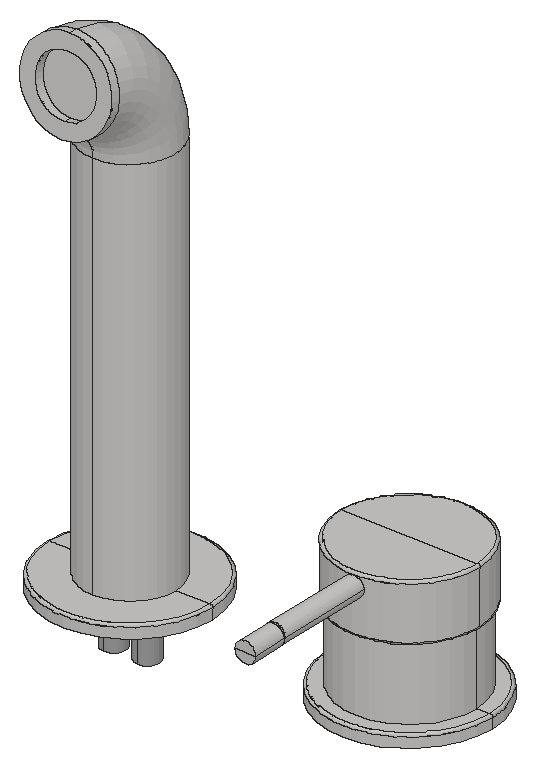
Revit family "PlumbingFixture_GroheLimited_Essence2HoleBasinMixer_19408001_METRIC", category Plumbing Fixtures, host Face, Revit 2015
Parameters (values of type "19408001")
  _DistributedBy = "www.bimstore.co.uk"
  _CurrentRevision = 1
  _CreatedBy = "www.bimstore.co.uk"
  _BimSpecGuid = 0
  _BSBibleVersion = 14
  _AuthorizedBy = "Kris Atkinson"
  _Author = "Ryan Lashley"
  Waste Connection = no
  WarrantyStartDate [instance] = "Please Record On Commissioning."
  WarrantyGuarantorParts = "info-uk@grohe.com"
  WarrantyGuarantorLabor = "info-uk@grohe.com"
  WarrantyDurationUnit = "Years"
  WarrantyDurationParts = "n/a"
  WarrantyDurationLabor = "n/a"
  WarrantyDescription = "n/a"
  WFU = 0
  Vent Connection = no
  URL = "www.grohe.com"
  TypeName = "Essence 2-hole basin mixer M-Size"
  Type Comments = "19408001"
  SpareParts = "n/a"
  Size = "n/a"
  Shape = "n/a"
  SerialNumber [instance] = "Please Record On Commissioning."
  ReplacementCost = "n/a"
  ReferencedStandard = "n/a"
  ProductionYear = "2017"
  ProductPageURL = "https://www.grohe.co.uk/en_gb/essence-2-hole-basin-mixer-m-size-19408001.html"
  ProductDocumentationLink = "https://www.grohe.co.uk/en_gb/essence-2-hole-basin-mixer-m-size-19408001.html"
  PrimaryMaterial = GroheLimited-Chorme
  PipeMaterial = GroheLimited-Pipework
  PercentageOfRecycledContent = "n/a"
  NominalLength = 0 mm
  NominalHeight = 0 mm
  NominalDepth = 0 mm
  NBSReference = "45-35-70/345"
  NBSOfficeMasterTag = "n/a"
  NBSObjectName = "Grohe Limited - Water supply fittings for sinks"
  NBSNote = ""
  NBSDescription = "Water supply fittings for sinks"
  ModelReference = "Essence 2-hole basin mixer M-Size"
  ModelNumber = "19408001"
  Model = "Essence 2-hole basin mixer M-Size"
  Material = "Chrome"
  MasterformatTitle = "Sanitary Facilities"
  MasterformatNumber = "01 52 19"
  ManufacturerName = "Grohe Limited"
  Manufacturer = "Grohe Limited"
  LowEmittingMaterial = no
  LEEDCredit = "n/a"
  Keynote = "N13"
  InstallationDate [instance] = "Please Record On Commissioning."
  IndustryStandards = "n/a"
  IfcExportType = "IfcPipeFittingType"
  IfcExportAs = "IfcPipeFitting"
  HotWaterConnectionDiameter = 10 mm
  HWFU = 4.5
  HW Connection = yes
  Grade = "n/a"
  Finish = "Chrome"
  Features = "This wall-mounted 2-hole bathroom tap of the GROHE Essence range comes in clean, elegant design. With a separate spout of 183 mm length, it provides maximum comfort, allowing you to wash your hair over the basin and fill tall containers with ease. Crafted in cylindrical shapes and finished in lustrous GROHE StarLight chrome, this wall-mounted single-lever mixer will be a real highlight in your bathroom. Among its convenient features, it also counts the water-saving GROHE EcoJoy technology. The spray angle of the spout can be adjusted precisely with the integrated GROHE AquaGuide. To install this tap, please purchase the matching GROHE concealed body (32635000). Water volume and temperature can be controlled smoothly and effortlessly with the GROHE SilkMove cartridge incorporated in the concealed body."
  ExpectedLife = 0
  Ecojoy = no
  DurationUnit = "Years"
  DocumentationTechnical = "n/a"
  DocumentationMaintenance = "n/a"
  DocumentationLiterature = "n/a"
  DocumentationInstallationGuide = "n/a"
  DocumentationCertificates = "n/a"
  Description = "This wall-mounted 2-hole bathroom tap of the GROHE Essence range comes in clean, elegant design. With a separate spout of 183 mm length, it provides maximum comfort, allowing you to wash your hair over the basin and fill tall containers with ease. Crafted in cylindrical shapes and finished in lustrous GROHE StarLight chrome, this wall-mounted single-lever mixer will be a real highlight in your bathroom. Among its convenient features, it also counts the water-saving GROHE EcoJoy technology. The spray angle of the spout can be adjusted precisely with the integrated GROHE AquaGuide. To install this tap, please purchase the matching GROHE concealed body (32635000). Water volume and temperature can be controlled smoothly and effortlessly with the GROHE SilkMove cartridge incorporated in the concealed body."
  Default Elevation = 0 mm
  CreatedOn = "2017-06-01T09:00:00"
  CreatedBy = "info-uk@grohe.com"
  Cost = 0
  Constituents = "n/a"
  Color = "Chrome"
  ColdWaterConnectionDiameter = 10 mm
  CodePerformance = "n/a"
  ClassificationValue = "Pr_40_20_87_82"
  ClassificationName = "Uniclass2015"
  CWFU = 4.5
  CW Connection = yes
  BarCode [instance] = "Please Record On Commissioning."
  BIMObjectName = "PlumbingFixture_GroheLimited_Essence2HoleBasinMixer_19408001_METRIC"
  AssetType = "Fixed"
  AssetIdentifier [instance] = "Please Record On Commissioning."
  Assembly Code = "D2010"
  AccessibilityPerformance = "n/a"
  ADACompliant = no
Types (10, lengths in mm): name | Type Comments | PrimaryMaterial | ModelNumber | Material | Finish | Color
  (no name) | "19408001" | GroheLimited-Chorme | "19408001" | "Chrome" | "Chrome" | "Chrome"
  19408001 | "19408001" | GroheLimited-Chorme | "19408001" | "Chrome" | "Chrome" | "Chrome"
  19408A01 | "19408A01" | GroheLimited-HardGraphite | "19408A01" | "Hard Graphite" | "Hard Graphite" | "Hard Graphite"
  19408AL1 | "19408AL1" | GroheLimited-BrushedHardGraphite | "19408AL1" | "Brushed Hard Graphite" | "Brushed Hard Graphite" | "Brushed Hard Graphite"
  19408BE1 | "19408BE1" | GroheLimited-Nickel | "19408BE1" | "Nickel" | "Nickel" | "Nickel"
  19408DA1 | "19408DA1" | GroheLimited-WarmSunset | "19408DA1" | "Warm Sunset" | "Warm Sunset" | "Warm Sunset"
  19408DL1 | "19408DL1" | GroheLimited-BrushedWarmSunset | "19408DL1" | "Brushed Warm Sunset" | "Brushed Warm Sunset" | "Brushed Warm Sunset"
  19408EN1 | "19408EN1" | GroheLimited-BrushedNickel | "19408EN1" | "Brushed Nickel" | "Brushed Nickel" | "Brushed Nickel"
  19408GL1 | "19408GL1" | GroheLimited-CoolSunrise | "19408GL1" | "Cool Sunrise" | "Cool Sunrise" | "Cool Sunrise"
  19408GN1 | "19408GN1" | GroheLimited-BrushedCoolSunrise | "19408GN1" | "Brushed Cool Sunrise" | "Brushed Cool Sunrise" | "Brushed Cool Sunrise"
Reference planes
  plane 1 "Center (Front/Back)": y = 0
  plane 2: z = 0
  plane 3 "Center (Left/Right)": x = 0
  plane 4: z = 0
  plane 5: z = 5
  plane 6: z = 193
  plane 7: x = -54.797
  plane 8: x = 54.797
  plane 9: z = 50.757
Forms (mm)
  Sweep 1, solid, material "GroheLimited-Pipework" <- "PipeMaterial"
    path in 3D
      loop
        line (-47.922, 0, 0) -> (-47.922, 0, -22.649)
    profile origin (-47.922, 0, -11.324) x (0, -1, 0) y (1, 0, 0)
      loop
        circle (0, 0) r 4.75
  Sweep 2, solid, material "GroheLimited-Pipework" <- "PipeMaterial"
    path in 3D
      loop
        line (-61.047, 0, 0) -> (-61.047, 0, -22.649)
    profile origin (-61.047, 0, -11.324) x (0, -1, 0) y (1, 0, 0)
      loop
        circle (0, 0) r 4.75
  Sweep 3, solid, material "GroheLimited-Chorme" <- "PrimaryMaterial"
    path in 3D
      loop
        line (-54.797, 0, 5) -> (-54.797, 0, 158.354)
        arc (-54.797, 0, 158.354) -> (-54.797, -7.932, 179.063) -> (-54.797, -27.668, 189.174) r 31
        line (-54.797, -27.668, 189.174) -> (-54.797, -31.223, 189.559)
    profile origin (-54.797, 0, 81.677) x (0, 1, 0) y (-1, 0, 0)
      loop
        circle (0, 0) r 18
  Revolve 4, solid, material "GroheLimited-Chorme" <- "PrimaryMaterial"
    sketch origin (-140.22, 0, 0) x (1, 0, 0) y (0, 0, 1)
      loop
        line (195.016, 56) -> (195.016, 0) -> (227.516, 0) -> (227.516, 4)
        arc (227.516, 4) -> (227.224, 4.707) -> (226.516, 5) r 1
        line (226.516, 5) -> (221.329, 5) -> (221.329, 34.871)
        arc (221.329, 34.871) -> (221.475, 34.299) -> (221.878, 33.867) r 1.193
        arc (221.878, 33.867) -> (222.414, 33.848) -> (222.688, 34.31) r 0.526
        line (222.688, 34.31) -> (222.688, 55)
        arc (222.688, 55) -> (222.395, 55.707) -> (221.688, 56) r 1
        line (221.688, 56) -> (195.016, 56)
      axis (195.016, 56) -> (195.016, 0)
    angle from 0 to 360
  Revolve 5, solid, material "GroheLimited-Chorme" <- "PrimaryMaterial"
    sketch origin (-140.22, -80.311, 50.757) x (-1, 0, 0) y (0, -1, 0)
      loop
        line (-199.016, 0) -> (-199.016, -13.67)
        arc (-199.016, -13.67) -> (-198.638, -14.133) -> (-199.016, -14.596) r 0.473
        line (-199.016, -14.596) -> (-199.016, -75) -> (-195.016, -75) -> (-195.016, 0) -> (-199.016, 0)
      axis (-195.016, -75) -> (-195.016, 0)
    angle from 0 to 360
  Revolve 6, solid, material "GroheLimited-Chorme" <- "PrimaryMaterial"
    sketch origin (0, 0, 0) x (1, 0, 0) y (0, 0, 1)
      loop
        line (-54.797, 5) -> (-54.797, 0) -> (-22.297, 0) -> (-22.297, 4)
        arc (-22.297, 4) -> (-22.589, 4.707) -> (-23.297, 5) r 1
        line (-23.297, 5) -> (-54.797, 5)
      axis (-54.797, 0) -> (-54.797, 5)
    angle from 0 to 360
  Sweep 7, void
    path in 3D
      loop
        line (-54.797, -27.668, 189.174) -> (-54.797, -31.223, 189.559)
    profile origin (-54.797, -29.445, 189.367) x (0, 0.10748, 0.994207) y (-1, 0, 0)
      loop
        circle (0, 0) r 12
Cuts and joins
  Sweep 7 cuts Sweep 3
  joined: Sweep 3, Revolve 4, Revolve 5, Revolve 6
Lines and regions (mm)
  sketch lines
    curve 1: line (-47.922, 0, 0) -> (-47.922, 0, -22.649)
    curve 2: line (-61.047, 0, 0) -> (-61.047, 0, -22.649)
    curve 3: line (-54.797, 0, 5) -> (-54.797, 0, 158.354)
    curve 4: arc (-54.797, 0, 158.354) -> (-54.797, -7.932, 179.063) -> (-54.797, -27.668, 189.174) r 31
    curve 5: line (-54.797, -27.668, 189.174) -> (-54.797, -31.223, 189.559)
    curve 6: line (-54.797, -27.668, 189.174) -> (-54.797, -31.223, 189.559)
Dimensions and locks
  plane 6 to host face = 193 mm
  equal spacing: plane 7, plane 3 "Center (Left/Right)", plane 8
  plane 7 to plane 8 = 109.593 mm
  aligned and locked: plane 2 to host face
  aligned and locked: level to host face
  aligned and locked: Revolve 4 sketch curve to plane 8
  aligned and locked: Revolve 4 sketch curve to plane 5
  aligned and locked: Revolve 5 sketch curve to plane 8
  aligned and locked: Revolve 6 sketch curve to plane 7
Automatic sketch dimensions
  host sketch curve to host sketch curve = 2438.4 mm  (x2)
  Sweep 1 sketch curve to profile plane = 0 mm
  profile plane to Sweep 1 sketch curve = 0 mm
  Sweep 2 sketch curve to profile plane = 0 mm
  profile plane to Sweep 2 sketch curve = 0 mm
  profile plane to Sweep 3 sketch curve = 0 mm
  Sweep 3 sketch curve to profile plane = 0 mm
  Revolve 4 sketch curve to plane 8 = 0 mm
  Revolve 4 sketch curve to level = 0 mm
  plane 8 to Revolve 4 sketch curve = 26.312 mm
  Revolve 4 sketch curve to plane 9 = 4.243 mm
  Revolve 4 sketch curve to Revolve 4 sketch curve = 0.359 mm
  Revolve 4 sketch curve to Revolve 4 sketch curve = 0.833 mm
  Revolve 4 sketch curve to Revolve 4 sketch curve = 0.36 mm
  Revolve 4 sketch curve to Revolve 4 sketch curve = 0.526 mm
  plane 5 to Revolve 4 sketch curve = 1 mm
  Revolve 4 sketch curve to Revolve 4 sketch curve = 5.187 mm
  plane 9 to Revolve 4 sketch curve = 16.447 mm
  Revolve 4 sketch curve to Revolve 4 sketch curve = 0.561 mm
  Revolve 4 sketch curve to level = 304.8 mm
  plane 6 to Revolve 4 sketch curve = 2245.4 mm
  Revolve 5 sketch curve to plane 8 = 0 mm
  plane 8 to Revolve 5 sketch curve = 4 mm  (x2)
  Revolve 5 sketch curve to Revolve 5 sketch curve = 0.094 mm
  plane 1 "Center (Front/Back)" to Revolve 5 sketch curve = 5.311 mm
  Revolve 5 sketch curve to Revolve 5 sketch curve = 60.404 mm
  Revolve 5 sketch curve to Revolve 5 sketch curve = 0.463 mm
  Revolve 5 sketch curve to Revolve 5 sketch curve = 13.67 mm
  Revolve 5 sketch curve to plane 1 "Center (Front/Back)" = 117.3 mm
  Revolve 5 sketch curve to Revolve 5 sketch curve = 26.887 mm
  Revolve 6 sketch curve to plane 5 = 0 mm
  plane 7 to Revolve 6 sketch curve = 0 mm
  Revolve 6 sketch curve to level = 0 mm
  Revolve 6 sketch curve to plane 3 "Center (Left/Right)" = 23.297 mm
  Revolve 6 sketch curve to Revolve 6 sketch curve = 1 mm
  Revolve 6 sketch curve to Revolve 6 sketch curve = 304.8 mm
  plane 6 to Revolve 6 sketch curve = 2245.4 mm
  profile plane to Sweep 7 sketch curve = 0 mm
  Sweep 7 sketch curve to profile plane = 0 mm
  radius of Sweep 1 sketch curve = 4.75 mm
  radius of Sweep 2 sketch curve = 4.75 mm
  radius of Sweep 3 sketch curve = 18 mm
  radius of Sweep 7 sketch curve = 12 mm
Connectors
  piping at (-61.047, 0, -22.649), diameter 10, driven by "HWFU", driven by "HotWaterConnectionDiameter"
    settings: on Sweep 2, index 1, connector inside diameter 24", connector length 0 mm, flow factor 0, pipe flow 0 GPM, pressure drop 0.00 psi, fitting loss kfactor 0, connector angle 0.00°, fixture units 4.5, engagement length 0 mm, angle of deflection 0.00°, flow configuration 3, flow direction 1, fitting loss method 4, system type 19, joint type 0, gender type 0, connector reference index -1, connector utility 0, adjustable connector no, is connector primary yes, connector description ""
  piping at (-47.922, 0, -22.649), diameter 10, driven by "CWFU", driven by "ColdWaterConnectionDiameter"
    settings: on Sweep 1, index 2, connector inside diameter 24", connector length 0 mm, flow factor 0, pipe flow 0 GPM, pressure drop 0.00 psi, fitting loss kfactor 0, connector angle 0.00°, fixture units 4.5, engagement length 0 mm, angle of deflection 0.00°, flow configuration 3, flow direction 1, fitting loss method 4, system type 20, joint type 0, gender type 0, connector reference index -1, connector utility 0, adjustable connector no, is connector primary no, connector description ""
